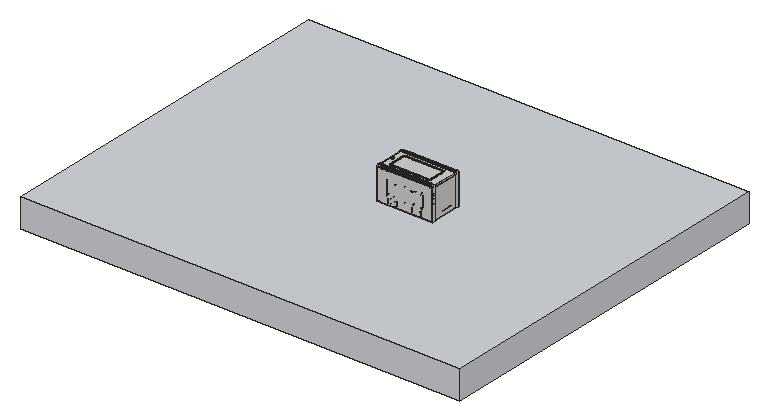
Revit family "ШТ-НСр 600х350", category Обобщенные модели, Revit 2019 (continued)
Definition of nested family "Крышка 350"
  Automatic sketch dimensions
    plane 6 to Extrusion 40 sketch curve = 33.804 mm
    plane 6 to Extrusion 40 sketch curve = 11.804 mm
    plane 8 to Extrusion 40 sketch curve = 98.007 mm
    Extrusion 40 sketch curve to Extrusion 40 sketch curve = 1.747 mm
    plane 6 to Extrusion 41 sketch curve = 33.804 mm
    plane 6 to Extrusion 41 sketch curve = 11.804 mm
    plane 8 to Extrusion 41 sketch curve = 88.007 mm
    Extrusion 41 sketch curve to Extrusion 41 sketch curve = 1.747 mm
    plane 6 to Extrusion 42 sketch curve = 33.804 mm
    plane 6 to Extrusion 42 sketch curve = 11.804 mm
    plane 8 to Extrusion 42 sketch curve = 78.007 mm
    Extrusion 42 sketch curve to Extrusion 42 sketch curve = 1.747 mm
    plane 6 to Extrusion 43 sketch curve = 33.804 mm
    plane 6 to Extrusion 43 sketch curve = 11.804 mm
    plane 8 to Extrusion 43 sketch curve = 68.007 mm
    Extrusion 43 sketch curve to Extrusion 43 sketch curve = 1.747 mm
    plane 6 to Extrusion 44 sketch curve = 33.804 mm
    plane 6 to Extrusion 44 sketch curve = 11.804 mm
    plane 8 to Extrusion 44 sketch curve = 58.007 mm
    Extrusion 44 sketch curve to Extrusion 44 sketch curve = 1.747 mm
    plane 6 to Extrusion 45 sketch curve = 33.804 mm
    plane 6 to Extrusion 45 sketch curve = 11.804 mm
    plane 8 to Extrusion 45 sketch curve = 48.007 mm
    Extrusion 45 sketch curve to Extrusion 45 sketch curve = 1.747 mm
    plane 6 to Extrusion 46 sketch curve = 33.804 mm
    plane 6 to Extrusion 46 sketch curve = 11.804 mm
    plane 8 to Extrusion 46 sketch curve = 38.007 mm
    Extrusion 46 sketch curve to Extrusion 46 sketch curve = 1.747 mm
    plane 6 to Extrusion 47 sketch curve = 33.804 mm
    plane 6 to Extrusion 47 sketch curve = 11.804 mm
    plane 8 to Extrusion 47 sketch curve = 28.007 mm
    Extrusion 47 sketch curve to Extrusion 47 sketch curve = 1.747 mm
    plane 6 to Extrusion 48 sketch curve = 33.804 mm
    plane 6 to Extrusion 48 sketch curve = 11.804 mm
    plane 8 to Extrusion 48 sketch curve = 168.007 mm
    Extrusion 48 sketch curve to Extrusion 48 sketch curve = 1.747 mm
    plane 6 to Extrusion 49 sketch curve = 33.804 mm
    plane 6 to Extrusion 49 sketch curve = 11.804 mm
    plane 8 to Extrusion 49 sketch curve = 158.007 mm
    Extrusion 49 sketch curve to Extrusion 49 sketch curve = 1.747 mm
    plane 6 to Extrusion 50 sketch curve = 33.804 mm
    plane 6 to Extrusion 50 sketch curve = 11.804 mm
    plane 8 to Extrusion 50 sketch curve = 148.007 mm
    Extrusion 50 sketch curve to Extrusion 50 sketch curve = 1.747 mm
    plane 6 to Extrusion 51 sketch curve = 33.804 mm
    plane 6 to Extrusion 51 sketch curve = 11.804 mm
    plane 8 to Extrusion 51 sketch curve = 138.007 mm
    Extrusion 51 sketch curve to Extrusion 51 sketch curve = 1.747 mm
    plane 6 to Extrusion 52 sketch curve = 33.804 mm
    plane 6 to Extrusion 52 sketch curve = 11.804 mm
    plane 8 to Extrusion 52 sketch curve = 128.007 mm
    Extrusion 52 sketch curve to Extrusion 52 sketch curve = 1.747 mm
    plane 6 to Extrusion 53 sketch curve = 33.804 mm
    plane 6 to Extrusion 53 sketch curve = 11.804 mm
    level to Extrusion 53 sketch curve = 131.993 mm
    Extrusion 53 sketch curve to Extrusion 53 sketch curve = 1.747 mm
    plane 6 to Extrusion 54 sketch curve = 33.804 mm
    plane 6 to Extrusion 54 sketch curve = 11.804 mm
    level to Extrusion 54 sketch curve = 141.993 mm
    Extrusion 54 sketch curve to Extrusion 54 sketch curve = 1.747 mm
    plane 6 to Extrusion 55 sketch curve = 33.804 mm
    plane 6 to Extrusion 55 sketch curve = 11.804 mm
    level to Extrusion 55 sketch curve = 151.993 mm
    Extrusion 55 sketch curve to Extrusion 55 sketch curve = 1.747 mm
    plane 6 to Extrusion 56 sketch curve = 33.804 mm
    plane 6 to Extrusion 56 sketch curve = 11.804 mm
    level to Extrusion 56 sketch curve = 161.993 mm
    Extrusion 56 sketch curve to Extrusion 56 sketch curve = 1.747 mm
    plane 6 to Extrusion 57 sketch curve = 33.804 mm
    plane 6 to Extrusion 57 sketch curve = 11.804 mm
    level to Extrusion 57 sketch curve = 171.993 mm
    Extrusion 57 sketch curve to Extrusion 57 sketch curve = 1.747 mm
    plane 6 to Extrusion 58 sketch curve = 33.804 mm
    plane 6 to Extrusion 58 sketch curve = 11.804 mm
    level to Extrusion 58 sketch curve = 81.993 mm
    Extrusion 58 sketch curve to Extrusion 58 sketch curve = 1.747 mm
    plane 6 to Extrusion 59 sketch curve = 33.804 mm
    plane 6 to Extrusion 59 sketch curve = 11.804 mm
    level to Extrusion 59 sketch curve = 91.993 mm
    Extrusion 59 sketch curve to Extrusion 59 sketch curve = 1.747 mm
    plane 6 to Extrusion 60 sketch curve = 33.804 mm
    plane 6 to Extrusion 60 sketch curve = 11.804 mm
    level to Extrusion 60 sketch curve = 101.993 mm
    Extrusion 60 sketch curve to Extrusion 60 sketch curve = 1.747 mm
    plane 6 to Extrusion 61 sketch curve = 33.804 mm
    plane 6 to Extrusion 61 sketch curve = 11.804 mm
    level to Extrusion 61 sketch curve = 111.993 mm
    Extrusion 61 sketch curve to Extrusion 61 sketch curve = 1.747 mm
    plane 6 to Extrusion 62 sketch curve = 33.804 mm
    plane 6 to Extrusion 62 sketch curve = 11.804 mm
    level to Extrusion 62 sketch curve = 121.993 mm
    Extrusion 62 sketch curve to Extrusion 62 sketch curve = 1.747 mm
    plane 6 to Extrusion 63 sketch curve = 33.804 mm
    plane 6 to Extrusion 63 sketch curve = 11.804 mm
    level to Extrusion 63 sketch curve = 31.993 mm
    Extrusion 63 sketch curve to Extrusion 63 sketch curve = 1.747 mm
    plane 6 to Extrusion 64 sketch curve = 33.804 mm
    plane 6 to Extrusion 64 sketch curve = 11.804 mm
    level to Extrusion 64 sketch curve = 41.993 mm
    Extrusion 64 sketch curve to Extrusion 64 sketch curve = 1.747 mm
    plane 6 to Extrusion 65 sketch curve = 33.804 mm
    plane 6 to Extrusion 65 sketch curve = 11.804 mm
    level to Extrusion 65 sketch curve = 51.993 mm
    Extrusion 65 sketch curve to Extrusion 65 sketch curve = 1.747 mm
    plane 6 to Extrusion 66 sketch curve = 33.804 mm
    plane 6 to Extrusion 66 sketch curve = 11.804 mm
    level to Extrusion 66 sketch curve = 61.993 mm
    Extrusion 66 sketch curve to Extrusion 66 sketch curve = 1.747 mm
    plane 6 to Extrusion 67 sketch curve = 33.804 mm
    plane 6 to Extrusion 67 sketch curve = 11.804 mm
    level to Extrusion 67 sketch curve = 71.993 mm
    Extrusion 67 sketch curve to Extrusion 67 sketch curve = 1.747 mm
    plane 6 to Extrusion 68 sketch curve = 10.404 mm
    plane 5 to Extrusion 68 sketch curve = 38.5 mm
    Extrusion 68 sketch curve to Extrusion 68 sketch curve = 1.5 mm
    Extrusion 68 sketch curve to Extrusion 68 sketch curve = 23.4 mm
    plane 6 to Extrusion 69 sketch curve = 10.404 mm
    plane 5 to Extrusion 69 sketch curve = 48.5 mm
    Extrusion 69 sketch curve to Extrusion 69 sketch curve = 1.5 mm
    Extrusion 69 sketch curve to Extrusion 69 sketch curve = 23.4 mm
    plane 6 to Extrusion 70 sketch curve = 10.404 mm
    plane 5 to Extrusion 70 sketch curve = 58.5 mm
    Extrusion 70 sketch curve to Extrusion 70 sketch curve = 1.5 mm
    Extrusion 70 sketch curve to Extrusion 70 sketch curve = 23.4 mm
    plane 6 to Extrusion 71 sketch curve = 10.404 mm
    plane 5 to Extrusion 71 sketch curve = 68.5 mm
    Extrusion 71 sketch curve to Extrusion 71 sketch curve = 1.5 mm
    Extrusion 71 sketch curve to Extrusion 71 sketch curve = 23.4 mm
    plane 6 to Extrusion 72 sketch curve = 10.404 mm
    plane 5 to Extrusion 72 sketch curve = 78.5 mm
    Extrusion 72 sketch curve to Extrusion 72 sketch curve = 1.5 mm
    Extrusion 72 sketch curve to Extrusion 72 sketch curve = 23.4 mm
    plane 6 to Extrusion 73 sketch curve = 10.404 mm
    plane 5 to Extrusion 73 sketch curve = 88.5 mm
    Extrusion 73 sketch curve to Extrusion 73 sketch curve = 1.5 mm
    Extrusion 73 sketch curve to Extrusion 73 sketch curve = 23.4 mm
    plane 6 to Extrusion 74 sketch curve = 10.404 mm
    plane 5 to Extrusion 74 sketch curve = 98.5 mm
    Extrusion 74 sketch curve to Extrusion 74 sketch curve = 1.5 mm
    Extrusion 74 sketch curve to Extrusion 74 sketch curve = 23.4 mm
    plane 6 to Extrusion 75 sketch curve = 10.404 mm
    plane 5 to Extrusion 75 sketch curve = 108.5 mm
    Extrusion 75 sketch curve to Extrusion 75 sketch curve = 1.5 mm
    Extrusion 75 sketch curve to Extrusion 75 sketch curve = 23.4 mm
    plane 6 to Extrusion 76 sketch curve = 10.404 mm
    plane 5 to Extrusion 76 sketch curve = 118.5 mm
    Extrusion 76 sketch curve to Extrusion 76 sketch curve = 1.5 mm
    Extrusion 76 sketch curve to Extrusion 76 sketch curve = 23.4 mm
    plane 6 to Extrusion 77 sketch curve = 10.404 mm
    plane 5 to Extrusion 77 sketch curve = 128.5 mm
    Extrusion 77 sketch curve to Extrusion 77 sketch curve = 1.5 mm
    Extrusion 77 sketch curve to Extrusion 77 sketch curve = 23.4 mm
    plane 6 to Extrusion 78 sketch curve = 10.404 mm
    plane 5 to Extrusion 78 sketch curve = 138.5 mm
    Extrusion 78 sketch curve to Extrusion 78 sketch curve = 1.5 mm
    Extrusion 78 sketch curve to Extrusion 78 sketch curve = 23.4 mm
    plane 6 to Extrusion 79 sketch curve = 10.404 mm
    plane 5 to Extrusion 79 sketch curve = 148.5 mm
    Extrusion 79 sketch curve to Extrusion 79 sketch curve = 1.5 mm
    Extrusion 79 sketch curve to Extrusion 79 sketch curve = 23.4 mm
    plane 6 to Extrusion 80 sketch curve = 10.404 mm
    Extrusion 80 sketch curve to plane 3 "По центру (Влево/Вправо)" = 141.5 mm
    Extrusion 80 sketch curve to Extrusion 80 sketch curve = 1.5 mm
    Extrusion 80 sketch curve to Extrusion 80 sketch curve = 23.4 mm
    plane 6 to Extrusion 81 sketch curve = 10.404 mm
    Extrusion 81 sketch curve to plane 3 "По центру (Влево/Вправо)" = 131.5 mm
    Extrusion 81 sketch curve to Extrusion 81 sketch curve = 1.5 mm
    Extrusion 81 sketch curve to Extrusion 81 sketch curve = 23.4 mm
    plane 6 to Extrusion 82 sketch curve = 10.404 mm
    Extrusion 82 sketch curve to plane 3 "По центру (Влево/Вправо)" = 121.5 mm
    Extrusion 82 sketch curve to Extrusion 82 sketch curve = 1.5 mm
    Extrusion 82 sketch curve to Extrusion 82 sketch curve = 23.4 mm
    plane 6 to Extrusion 83 sketch curve = 10.404 mm
    Extrusion 83 sketch curve to plane 3 "По центру (Влево/Вправо)" = 111.5 mm
    Extrusion 83 sketch curve to Extrusion 83 sketch curve = 1.5 mm
    Extrusion 83 sketch curve to Extrusion 83 sketch curve = 23.4 mm
    plane 6 to Extrusion 84 sketch curve = 10.404 mm
    Extrusion 84 sketch curve to plane 3 "По центру (Влево/Вправо)" = 101.5 mm
    Extrusion 84 sketch curve to Extrusion 84 sketch curve = 1.5 mm
    Extrusion 84 sketch curve to Extrusion 84 sketch curve = 23.4 mm
    plane 6 to Extrusion 85 sketch curve = 10.404 mm
    Extrusion 85 sketch curve to plane 3 "По центру (Влево/Вправо)" = 91.5 mm
    Extrusion 85 sketch curve to Extrusion 85 sketch curve = 1.5 mm
    Extrusion 85 sketch curve to Extrusion 85 sketch curve = 23.4 mm
    plane 6 to Extrusion 86 sketch curve = 10.404 mm
    Extrusion 86 sketch curve to plane 3 "По центру (Влево/Вправо)" = 81.5 mm
    Extrusion 86 sketch curve to Extrusion 86 sketch curve = 1.5 mm
    Extrusion 86 sketch curve to Extrusion 86 sketch curve = 23.4 mm
    plane 6 to Extrusion 87 sketch curve = 10.404 mm
    Extrusion 87 sketch curve to plane 3 "По центру (Влево/Вправо)" = 71.5 mm
    Extrusion 87 sketch curve to Extrusion 87 sketch curve = 1.5 mm
    Extrusion 87 sketch curve to Extrusion 87 sketch curve = 23.4 mm
    plane 6 to Extrusion 88 sketch curve = 10.404 mm
    Extrusion 88 sketch curve to plane 3 "По центру (Влево/Вправо)" = 61.5 mm
    Extrusion 88 sketch curve to Extrusion 88 sketch curve = 1.5 mm
    Extrusion 88 sketch curve to Extrusion 88 sketch curve = 23.4 mm
    plane 6 to Extrusion 89 sketch curve = 10.404 mm
    Extrusion 89 sketch curve to plane 3 "По центру (Влево/Вправо)" = 51.5 mm
    Extrusion 89 sketch curve to Extrusion 89 sketch curve = 1.5 mm
    Extrusion 89 sketch curve to Extrusion 89 sketch curve = 23.4 mm
    plane 6 to Extrusion 90 sketch curve = 10.404 mm
    Extrusion 90 sketch curve to plane 3 "По центру (Влево/Вправо)" = 41.5 mm
    Extrusion 90 sketch curve to Extrusion 90 sketch curve = 1.5 mm
    Extrusion 90 sketch curve to Extrusion 90 sketch curve = 23.4 mm
    plane 6 to Extrusion 91 sketch curve = 10.404 mm
    Extrusion 91 sketch curve to plane 3 "По центру (Влево/Вправо)" = 31.5 mm
    Extrusion 91 sketch curve to Extrusion 91 sketch curve = 1.5 mm
    Extrusion 91 sketch curve to Extrusion 91 sketch curve = 23.4 mm
    Extrusion 92 sketch curve to plane 3 "По центру (Влево/Вправо)" = 21.5 mm
    Extrusion 92 sketch curve to Extrusion 92 sketch curve = 1.5 mm
    plane 6 to Extrusion 92 sketch curve = 33.804 mm
    plane 6 to Extrusion 92 sketch curve = 10.404 mm
    Extrusion 93 sketch curve to plane 3 "По центру (Влево/Вправо)" = 11.5 mm
    Extrusion 93 sketch curve to Extrusion 93 sketch curve = 1.5 mm
    plane 6 to Extrusion 93 sketch curve = 33.804 mm
    plane 6 to Extrusion 93 sketch curve = 10.404 mm
    Extrusion 94 sketch curve to plane 3 "По центру (Влево/Вправо)" = 0 mm
    Extrusion 94 sketch curve to Extrusion 94 sketch curve = 1.5 mm
    plane 6 to Extrusion 94 sketch curve = 33.804 mm
    plane 6 to Extrusion 94 sketch curve = 10.404 mm
    plane 3 "По центру (Влево/Вправо)" to Extrusion 95 sketch curve = 8.5 mm
    Extrusion 95 sketch curve to Extrusion 95 sketch curve = 1.5 mm
    plane 6 to Extrusion 95 sketch curve = 33.804 mm
    plane 6 to Extrusion 95 sketch curve = 10.404 mm
    plane 3 "По центру (Влево/Вправо)" to Extrusion 96 sketch curve = 18.5 mm
    Extrusion 96 sketch curve to Extrusion 96 sketch curve = 1.5 mm
    plane 6 to Extrusion 96 sketch curve = 33.804 mm
    plane 6 to Extrusion 96 sketch curve = 10.404 mm
    plane 3 "По центру (Влево/Вправо)" to Extrusion 97 sketch curve = 28.5 mm
    Extrusion 97 sketch curve to Extrusion 97 sketch curve = 1.5 mm
    plane 6 to Extrusion 97 sketch curve = 33.804 mm
    plane 6 to Extrusion 97 sketch curve = 10.404 mm
    plane 6 to Extrusion 98 sketch curve = 10.404 mm
    plane 3 "По центру (Влево/Вправо)" to Extrusion 98 sketch curve = 38.5 mm
    Extrusion 98 sketch curve to Extrusion 98 sketch curve = 1.5 mm
    Extrusion 98 sketch curve to Extrusion 98 sketch curve = 23.4 mm
    plane 6 to Extrusion 99 sketch curve = 10.404 mm
    plane 3 "По центру (Влево/Вправо)" to Extrusion 99 sketch curve = 48.5 mm
    Extrusion 99 sketch curve to Extrusion 99 sketch curve = 1.5 mm
    Extrusion 99 sketch curve to Extrusion 99 sketch curve = 23.4 mm
    plane 6 to Extrusion 100 sketch curve = 10.404 mm
    plane 3 "По центру (Влево/Вправо)" to Extrusion 100 sketch curve = 58.5 mm
    Extrusion 100 sketch curve to Extrusion 100 sketch curve = 1.5 mm
    Extrusion 100 sketch curve to Extrusion 100 sketch curve = 23.4 mm
    plane 6 to Extrusion 101 sketch curve = 10.404 mm
    plane 3 "По центру (Влево/Вправо)" to Extrusion 101 sketch curve = 68.5 mm
    Extrusion 101 sketch curve to Extrusion 101 sketch curve = 1.5 mm
    Extrusion 101 sketch curve to Extrusion 101 sketch curve = 23.4 mm
    plane 6 to Extrusion 102 sketch curve = 10.404 mm
    plane 3 "По центру (Влево/Вправо)" to Extrusion 102 sketch curve = 78.5 mm
    Extrusion 102 sketch curve to Extrusion 102 sketch curve = 1.5 mm
    Extrusion 102 sketch curve to Extrusion 102 sketch curve = 23.4 mm
    plane 6 to Extrusion 103 sketch curve = 10.404 mm
    plane 3 "По центру (Влево/Вправо)" to Extrusion 103 sketch curve = 88.5 mm
    Extrusion 103 sketch curve to Extrusion 103 sketch curve = 1.5 mm
    Extrusion 103 sketch curve to Extrusion 103 sketch curve = 23.4 mm
    plane 6 to Extrusion 104 sketch curve = 10.404 mm
    plane 3 "По центру (Влево/Вправо)" to Extrusion 104 sketch curve = 98.5 mm
    Extrusion 104 sketch curve to Extrusion 104 sketch curve = 1.5 mm
    Extrusion 104 sketch curve to Extrusion 104 sketch curve = 23.4 mm
    plane 6 to Extrusion 105 sketch curve = 10.404 mm
    plane 3 "По центру (Влево/Вправо)" to Extrusion 105 sketch curve = 108.5 mm
    Extrusion 105 sketch curve to Extrusion 105 sketch curve = 1.5 mm
    Extrusion 105 sketch curve to Extrusion 105 sketch curve = 23.4 mm
    plane 6 to Extrusion 106 sketch curve = 10.404 mm
    plane 3 "По центру (Влево/Вправо)" to Extrusion 106 sketch curve = 118.5 mm
    Extrusion 106 sketch curve to Extrusion 106 sketch curve = 1.5 mm
    Extrusion 106 sketch curve to Extrusion 106 sketch curve = 23.4 mm
    plane 6 to Extrusion 107 sketch curve = 10.404 mm
    plane 3 "По центру (Влево/Вправо)" to Extrusion 107 sketch curve = 128.5 mm
    Extrusion 107 sketch curve to Extrusion 107 sketch curve = 1.5 mm
    Extrusion 107 sketch curve to Extrusion 107 sketch curve = 23.4 mm
    plane 6 to Extrusion 108 sketch curve = 10.404 mm
    plane 3 "По центру (Влево/Вправо)" to Extrusion 108 sketch curve = 138.5 mm
    Extrusion 108 sketch curve to Extrusion 108 sketch curve = 1.5 mm
    Extrusion 108 sketch curve to Extrusion 108 sketch curve = 23.4 mm
    plane 6 to Extrusion 109 sketch curve = 10.404 mm
    plane 3 "По центру (Влево/Вправо)" to Extrusion 109 sketch curve = 148.5 mm
    Extrusion 109 sketch curve to Extrusion 109 sketch curve = 1.5 mm
    Extrusion 109 sketch curve to Extrusion 109 sketch curve = 23.4 mm
    plane 6 to Extrusion 110 sketch curve = 10.404 mm
    Extrusion 110 sketch curve to plane 4 = 141.5 mm
    Extrusion 110 sketch curve to Extrusion 110 sketch curve = 1.5 mm
    Extrusion 110 sketch curve to Extrusion 110 sketch curve = 23.4 mm
    plane 6 to Extrusion 111 sketch curve = 10.404 mm
    Extrusion 111 sketch curve to plane 4 = 131.5 mm
    Extrusion 111 sketch curve to Extrusion 111 sketch curve = 1.5 mm
    Extrusion 111 sketch curve to Extrusion 111 sketch curve = 23.4 mm
    plane 6 to Extrusion 112 sketch curve = 10.404 mm
    Extrusion 112 sketch curve to plane 4 = 121.5 mm
    Extrusion 112 sketch curve to Extrusion 112 sketch curve = 1.5 mm
    Extrusion 112 sketch curve to Extrusion 112 sketch curve = 23.4 mm
    plane 6 to Extrusion 113 sketch curve = 10.404 mm
    Extrusion 113 sketch curve to plane 4 = 111.5 mm
    Extrusion 113 sketch curve to Extrusion 113 sketch curve = 1.5 mm
    Extrusion 113 sketch curve to Extrusion 113 sketch curve = 23.4 mm
    plane 6 to Extrusion 114 sketch curve = 10.404 mm
    Extrusion 114 sketch curve to plane 4 = 101.5 mm
    Extrusion 114 sketch curve to Extrusion 114 sketch curve = 1.5 mm
    Extrusion 114 sketch curve to Extrusion 114 sketch curve = 23.4 mm
    plane 6 to Extrusion 115 sketch curve = 10.404 mm
    Extrusion 115 sketch curve to plane 4 = 91.5 mm
    Extrusion 115 sketch curve to Extrusion 115 sketch curve = 1.5 mm
    Extrusion 115 sketch curve to Extrusion 115 sketch curve = 23.4 mm
    plane 6 to Extrusion 116 sketch curve = 10.404 mm
    Extrusion 116 sketch curve to plane 4 = 81.5 mm
    Extrusion 116 sketch curve to Extrusion 116 sketch curve = 1.5 mm
    Extrusion 116 sketch curve to Extrusion 116 sketch curve = 23.4 mm
    plane 6 to Extrusion 117 sketch curve = 10.404 mm
    Extrusion 117 sketch curve to plane 4 = 71.5 mm
    Extrusion 117 sketch curve to Extrusion 117 sketch curve = 1.5 mm
    Extrusion 117 sketch curve to Extrusion 117 sketch curve = 23.4 mm
    plane 6 to Extrusion 118 sketch curve = 10.404 mm
    Extrusion 118 sketch curve to plane 4 = 61.5 mm
    Extrusion 118 sketch curve to Extrusion 118 sketch curve = 1.5 mm
    Extrusion 118 sketch curve to Extrusion 118 sketch curve = 23.4 mm
    plane 6 to Extrusion 119 sketch curve = 10.404 mm
    Extrusion 119 sketch curve to plane 4 = 51.5 mm
    Extrusion 119 sketch curve to Extrusion 119 sketch curve = 1.5 mm
    Extrusion 119 sketch curve to Extrusion 119 sketch curve = 23.4 mm
    plane 6 to Extrusion 120 sketch curve = 10.404 mm
    Extrusion 120 sketch curve to plane 4 = 41.5 mm
    Extrusion 120 sketch curve to Extrusion 120 sketch curve = 1.5 mm
    Extrusion 120 sketch curve to Extrusion 120 sketch curve = 23.4 mm
    plane 6 to Extrusion 121 sketch curve = 10.404 mm
    Extrusion 121 sketch curve to plane 4 = 31.5 mm
    Extrusion 121 sketch curve to Extrusion 121 sketch curve = 1.5 mm
    Extrusion 121 sketch curve to Extrusion 121 sketch curve = 23.4 mm
    radius of Extrusion 7 sketch curve = 3.3 mm  (x6)
Types (16, lengths in mm): name | Default Elevation | Дверь | Высота двери | ADSK_Этаж | ADSK_Размер_Высота | ADSK_Обозначение | ADSK_Наименование | ADSK_Масса_Текст | ADSK_Марка | ADSK_Код изделия | ADSK_URL страницы изделия
  (no name) | 800 | Дверь_П : Дверь_П | 280 | "-" | 360 | "ШТ-НСр 6U (600х350мм) перфорированная дверь" | "Шкаф телекоммуникационный настенный разборный 19”,6U(600x350), ШТ-НСр-6U-600-350-П дверь перфорированная ССД" | "13,5" | "ШТ-НСр 6U (600х350мм) перфорированная дверь" | "130411-00547" | "https://www.ssd.ru/shkaf-telekommunikatsionnyy-nastennyy-razbornyy-19-6u-600x350-sht-nsr-6u-600-350-p-dver-perforirovan"
  ШТ-НСр 6U (600х350мм) стеклянная дверь | 800 | Дверь_С : Дверь_С | 280 | "-" | 360 | "ШТ-НСр 6U (600х350мм) стеклянная дверь" | "Шкаф телекоммуникационный настенный разборный 19”,6U(600x350), ШТ-НСр-6U-600-350-С дверь стекло ССД" | "14,6" | "ШТ-НСр 6U (600х350мм) стеклянная дверь" | "130411-00545" | "https://www.ssd.ru/shkaf-telekommunikatsionnyy-nastennyy-razbornyy-19-6u-600x350-sht-nsr-6u-600-350-s-dver-steklo"
  ШТ-НСр 6U (600х350мм) металлическая дверь | 800 | Дверь_М : Дверь_М | 280 | "-" | 360 | "ШТ-НСр 6U (600х350мм) металлическая дверь" | "Шкаф телекоммуникационный настенный разборный 19”,6U(600x350), ШТ-НСр-6U-600-350-М дверь металл ССД" | "13,8" | "ШТ-НСр 6U (600х350мм) металлическая дверь\r\nШТ-НСр 6U (600х350мм) металлическая дверь" | "130411-00546" | "https://www.ssd.ru/shkaf-telekommunikatsionnyy-nastennyy-razbornyy-19-6u-600x350-sht-nsr-6u-600-350-m-dver-metall"
  ШТ-НСр 6U (600х350мм) перфорированная дверь | 800 | Дверь_П : Дверь_П | 280 | "-" | 360 | "ШТ-НСр 6U (600х350мм) перфорированная дверь" | "Шкаф телекоммуникационный настенный разборный 19”,6U(600x350), ШТ-НСр-6U-600-350-П дверь перфорированная ССД" | "13,5" | "ШТ-НСр 6U (600х350мм) перфорированная дверь" | "130411-00547" | "https://www.ssd.ru/shkaf-telekommunikatsionnyy-nastennyy-razbornyy-19-6u-600x350-sht-nsr-6u-600-350-p-dver-perforirovan"
  ШТ-НСр 9U (600х350мм) стеклянная дверь | 800 | Дверь_С : Дверь_С | 413 | "-" | 493 | "ШТ-НСр 9U (600х350мм) стеклянная дверь" | "Шкаф телекоммуникационный настенный разборный 19”,9U(600x350), ШТ-НСр-9U-600-350-С дверь стекло ССД" | "17,5" | "ШТ-НСр 9U (600х350мм) стеклянная дверь" | "130411-00554" | "https://www.ssd.ru/shkaf-telekommunikatsionnyy-nastennyy-razbornyy-19-9u-600x350-sht-nsr-9u-600-350-s-dver-steklo"
  ШТ-НСр 9U (600х350мм) металлическая дверь | 800 | Дверь_М : Дверь_М | 413 | "-" | 493 | "ШТ-НСр 9U (600х350мм) металлическая дверь" | "Шкаф телекоммуникационный настенный разборный 19”,9U(600x350), ШТ-НСр-9U-600-350-М дверь металл ССД" | "16,2" | "ШТ-НСр 9U (600х350мм) металлическая дверь" | "130411-00555" | "https://www.ssd.ru/shkaf-telekommunikatsionnyy-nastennyy-razbornyy-19-9u-600x350-sht-nsr-9u-600-350-m-dver-metall"
  ШТ-НСр 9U (600х350мм) перфорированная дверь | 800 | Дверь_П : Дверь_П | 413 | "-" | 493 | "ШТ-НСр 9U (600х350мм) перфорированная дверь" | "Шкаф телекоммуникационный настенный разборный 19”,9U(600x350), ШТ-НСр-9U-600-350-П дверь перфорированная ССД" | "15,9" | "ШТ-НСр 9U (600х350мм) перфорированная дверь" | "130411-00556" | "https://www.ssd.ru/shkaf-telekommunikatsionnyy-nastennyy-razbornyy-19-9u-600x350-sht-nsr-9u-600-350-p-dver-perforirovan"
  ШТ-НСр 12U (600х350мм) стеклянная дверь | 0 | Дверь_С : Дверь_С | 546 | "-" | 626 | "ШТ-НСр 12U (600х350мм) стеклянная дверь" | "Шкаф телекоммуникационный настенный разборный 19”,12U(600x350), ШТ-НСр-12U-600-350-С дверь стекло ССД" | "18,4" | "ШТ-НСр 12U (600х350мм) стеклянная дверь" | "130411-00563" | "https://www.ssd.ru/shkaf-telekommunikatsionnyy-nastennyy-razbornyy-19-12u-600x350-sht-nsr-12u-600-350-s-dver-steklo"
  ШТ-НСр 12U (600х350мм) металлическая двер | 800 | Дверь_М : Дверь_М | 546 | "-" | 626 | "ШТ-НСр 12U (600х350мм) металлическая двер" | "Шкаф телекоммуникационный настенный разборный 19”,12U(600x350), ШТ-НСр-12U-600-350-М дверь металл ССД" | "20,35" | "ШТ-НСр 12U (600х350мм) металлическая двер" | "130411-00564" | "https://www.ssd.ru/shkaf-telekommunikatsionnyy-nastennyy-razbornyy-19-12u-600x350-sht-nsr-12u-600-350-m-dver-metall"
  ШТ-НСр 12U (600х350мм) перфорированная дверь | 800 | Дверь_П : Дверь_П | 546 | "-" | 626 | "ШТ-НСр 12U (600х350мм) перфорированная дверь" | "Шкаф телекоммуникационный настенный разборный 19”,12U(600x350), ШТ-НСр-12U-600-350-П дверь перфорированная ССД" | "18,8" | "ШТ-НСр 12U (600х350мм) перфорированная дверь" | "130411-00565" | "https://www.ssd.ru/shkaf-telekommunikatsionnyy-nastennyy-razbornyy-19-12u-600x350-sht-nsr-12u-600-350-p-dver-perforirov"
  ШТ-НСр 15U (600х350мм) стеклянная дверь | 800 | Дверь_С : Дверь_С | 680 | "-" | 760 | "ШТ-НСр 15U (600х350мм) стеклянная дверь" | "Шкаф телекоммуникационный настенный разборный 19”,15U(600x350), ШТ-НСр-15U-600-350-С дверь стекло ССД" | "23,2" | "ШТ-НСр 15U (600х350мм) стеклянная дверь" | "130411-00572" | "https://www.ssd.ru/shkaf-telekommunikatsionnyy-nastennyy-razbornyy-19-15u-600x350-sht-nsr-15u-600-350-s-dver-steklo"
  ШТ-НСр 15U (600х350мм) металлическая дверь | 800 | Дверь_М : Дверь_М | 680 | "" | 760 | "ШТ-НСр 15U (600х350мм) металлическая дверь" | "Шкаф телекоммуникационный настенный разборный 19”,15U(600x350), ШТ-НСр-15U-600-350-М дверь металл ССД" | "21,5" | "ШТ-НСр 15U (600х350мм) металлическая дверь" | "130411-00573" | "https://www.ssd.ru/shkaf-telekommunikatsionnyy-nastennyy-razbornyy-19-15u-600x350-sht-nsr-15u-600-350-m-dver-metall"
  ШТ-НСр 15U (600х350мм) перфорированная дверь | 800 | Дверь_П : Дверь_П | 680 | "-" | 760 | "ШТ-НСр 15U (600х350мм) перфорированная дверь" | "Шкаф телекоммуникационный настенный разборный 19”,15U(600x350), ШТ-НСр-15U-600-350-П дверь перфорированная ССД" | "21,1" | "ШТ-НСр 15U (600х350мм) перфорированная дверь" | "130411-00574" | "https://www.ssd.ru/shkaf-telekommunikatsionnyy-nastennyy-razbornyy-19-15u-600x350-sht-nsr-15u-600-350-p-dver-perforirov"
  ШТ-НСр 18U (600х350мм) стеклянная дверь | 800 | Дверь_С : Дверь_С | 813 | "-" | 893 | "ШТ-НСр 18U (600х350мм) стеклянная дверь" | "Шкаф телекоммуникационный настенный разборный 19”,18U(600x350), ШТ-НСр-18U-600-350-С дверь стекло ССД" | "26,2" | "ШТ-НСр 18U (600х350мм) стеклянная дверь" | "130411-00581" | "https://www.ssd.ru/shkaf-telekommunikatsionnyy-nastennyy-razbornyy-19-18u-600x350-sht-nsr-18u-600-350-s-dver-steklo"
  ШТ-НСр 18U (600х350мм) металлическая дверь | 800 | Дверь_М : Дверь_М | 813 | "-" | 893 | "ШТ-НСр 18U (600х350мм) металлическая дверь" | "Шкаф телекоммуникационный настенный разборный 19”,18U(600x350), ШТ-НСр-18U-600-350-М дверь металл ССД" | "24,0" | "ШТ-НСр 18U (600х350мм) металлическая дверь" | "130411-00582" | "https://www.ssd.ru/shkaf-telekommunikatsionnyy-nastennyy-razbornyy-19-18u-600x350-sht-nsr-18u-600-350-m-dver-metall"
  ШТ-НСр 18U (600х350мм) перфорированная дверь | 800 | Дверь_П : Дверь_П | 813 | "-" | 893 | "ШТ-НСр 18U (600х350мм) перфорированная дверь" | "Шкаф телекоммуникационный настенный разборный 19”,18U(600x350), ШТ-НСр-18U-600-350-П дверь перфорированная ССД" | "23,6" | "ШТ-НСр 18U (600х350мм) перфорированная дверь" | "130411-00583" | "https://www.ssd.ru/shkaf-telekommunikatsionnyy-nastennyy-razbornyy-19-18u-600x350-sht-nsr-18u-600-350-p-dver-perforirov"
